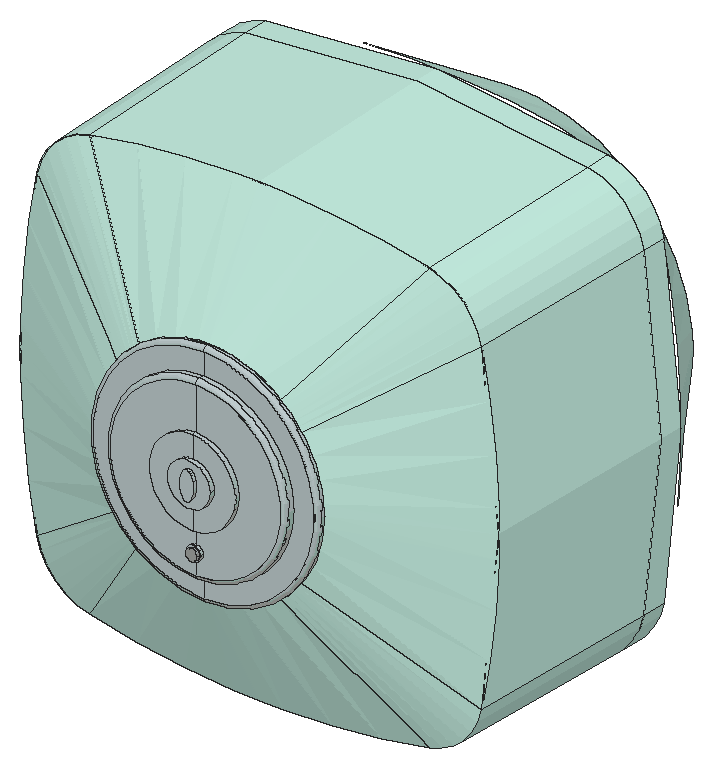
Revit family
Parameters (values of type "340 X 347 X 291")
  Wattage = 1500 W
  Hot Water Pipe Radius = Hot Water Pipe Diameter / 2  # 6.35 mm
  Hot Water Pipe Diameter = 12.7 mm
  Length D = 90 mm
  Heating Time (min) = "26"
  Heater Width = 330 mm
  Width = 347 mm
  URL = "http://www.autospec.co.za/browse.php?id=1660957480"
  Product Code = "FPRX-10-OB"
  OmniClass Title = ""
  OmniClass Number = ""
  Modspec Classification = ""
  Specification = ""
  Material = Galvanised Steel
  Weight (Kg) = "7.9"
  Location (revit room) = ""
  Model = "Prisma Storage Water Heater FPRX 10 OB"
  Manufacturer = "Kwikot"  # constant formula
  Length = 340 mm
  Electrical Supply = 230 V
  Depth = 291 mm
  Colour = none
  Cold Water Pipe Radius = Cold Water Pipe Diameter / 2  # 6.35 mm
  Cold Water Pipe Diameter = 12.7 mm
  Capacity (Litres) = 10.00 L
  Body Material = Green
  Body Finish = none
  Assembly Code = "D3010500"
Reference planes
  plane 1 "Center (Front/Back)": y = 0
  plane 2 "Bottom": z = 0
  plane 3 "Center (Left/Right)": x = 0
  plane 4: z = 165
  plane 5: z = -165
  plane 6: z = -182
  plane 7: x = -170
  plane 8: x = 170
  plane 9: y = 291
  plane 10: y = 201
  plane 11: y = 218.5
  plane 12: y = 20
  plane 13: y = 63.5
Forms (mm)
  Extrusion 1, solid, material "Red"
    sketch origin (-583.163, -1524, -165) x (-1, 0, 0) y (0, -1, 0)
      loop
        circle (-533.163, -1732.5) r 6.35
    from 4.425 to -17
  Blend 2, solid, material "Green" <- "Body Material"
    base sketch origin (587.769, 201, 1200) x (1, 0, 0) y (0, 0, 1)
      loop
        arc (-745.961, -1314.084) -> (-732.328, -1339.247) -> (-707.127, -1352.811) r 50
        arc (-707.127, -1352.811) -> (-587.769, -1365) -> (-468.411, -1352.811) r 590.5
        arc (-468.411, -1352.811) -> (-443.211, -1339.247) -> (-429.578, -1314.084) r 50
        arc (-429.578, -1314.084) -> (-417.769, -1200) -> (-429.578, -1085.916) r 557
        arc (-429.578, -1085.916) -> (-443.211, -1060.753) -> (-468.411, -1047.189) r 50
        arc (-468.411, -1047.189) -> (-587.769, -1035) -> (-707.127, -1047.189) r 590.5
        arc (-707.127, -1047.189) -> (-732.328, -1060.753) -> (-745.961, -1085.916) r 50
        arc (-745.961, -1085.916) -> (-757.769, -1200) -> (-745.961, -1314.084) r 557
    top sketch origin (587.769, 201, 1200) x (1, 0, 0) y (0, 0, 1)
      loop
        arc (-743.025, -1086.53) -> (-754.769, -1200) -> (-743.025, -1313.47) r 554
        arc (-743.025, -1313.47) -> (-730.209, -1337.123) -> (-706.521, -1349.873) r 47
        arc (-706.521, -1349.873) -> (-587.769, -1362) -> (-469.018, -1349.873) r 587.5
        arc (-469.018, -1349.873) -> (-445.33, -1337.123) -> (-432.514, -1313.47) r 47
        arc (-432.514, -1313.47) -> (-420.769, -1200) -> (-432.514, -1086.53) r 554
        arc (-432.514, -1086.53) -> (-445.33, -1062.877) -> (-469.018, -1050.127) r 47
        arc (-469.018, -1050.127) -> (-587.769, -1038) -> (-706.521, -1050.127) r 587.5
        arc (-706.521, -1050.127) -> (-730.209, -1062.877) -> (-743.025, -1086.53) r 47
    from 0 to 137.5
  Blend 3, solid, material "Green" <- "Body Material"
    base sketch origin (0, 218.5, 528.983) x (0, 0, 1) y (-1, 0, 0)
      loop
        arc (-414.899, -158.192) -> (-389.736, -144.558) -> (-376.172, -119.358) r 50
        arc (-376.172, -119.358) -> (-363.983, 0) -> (-376.172, 119.358) r 590.5
        arc (-376.172, 119.358) -> (-389.736, 144.558) -> (-414.899, 158.192) r 50
        arc (-414.899, 158.192) -> (-528.983, 170) -> (-643.068, 158.192) r 557
        arc (-643.068, 158.192) -> (-668.23, 144.558) -> (-681.795, 119.358) r 50
        arc (-681.795, 119.358) -> (-693.983, 0) -> (-681.795, -119.358) r 590.5
        arc (-681.795, -119.358) -> (-668.23, -144.558) -> (-643.068, -158.192) r 50
        arc (-643.068, -158.192) -> (-528.983, -170) -> (-414.899, -158.192) r 557
    top sketch origin (0, 218.5, 528.983) x (0, 0, 1) y (-1, 0, 0)
      loop
        arc (-434.929, 74.524) -> (-445.798, 86.488) -> (-458.176, 96.883) r 120
        arc (-458.176, 96.883) -> (-528.983, 120) -> (-599.791, 96.883) r 120
        arc (-599.791, 96.883) -> (-612.169, 86.488) -> (-623.038, 74.524) r 120
        arc (-623.038, 74.524) -> (-648.983, 0) -> (-623.038, -74.524) r 120
        arc (-623.038, -74.524) -> (-612.169, -86.488) -> (-599.791, -96.883) r 120
        arc (-599.791, -96.883) -> (-528.983, -120) -> (-458.176, -96.883) r 120
        arc (-458.176, -96.883) -> (-445.798, -86.488) -> (-434.929, -74.524) r 120
        arc (-434.929, -74.524) -> (-408.983, 0) -> (-434.929, 74.524) r 120
    from 0 to -72.5
  Extrusion 4, solid, material "Green" <- "Body Material"
    sketch origin (587.769, 201, 1200) x (1, 0, 0) y (0, 0, 1)
      loop
        arc (-429.578, -1314.084) -> (-417.769, -1200) -> (-429.578, -1085.916) r 557
        arc (-429.578, -1085.916) -> (-443.211, -1060.753) -> (-468.411, -1047.189) r 50
        arc (-468.411, -1047.189) -> (-587.769, -1035) -> (-707.127, -1047.189) r 590.5
        arc (-707.127, -1047.189) -> (-732.328, -1060.753) -> (-745.961, -1085.916) r 50
        arc (-745.961, -1085.916) -> (-757.769, -1200) -> (-745.961, -1314.084) r 557
        arc (-745.961, -1314.084) -> (-732.328, -1339.247) -> (-707.127, -1352.811) r 50
        arc (-707.127, -1352.811) -> (-587.769, -1365) -> (-468.411, -1352.811) r 590.5
        arc (-468.411, -1352.811) -> (-443.211, -1339.247) -> (-429.578, -1314.084) r 50
    from 0 to -17.5
  Blend 5, solid, material "Green" <- "Body Material"
    base sketch origin (0, 63.5, 1442.37) x (0, 0, 1) y (-1, 0, 0)
      loop
        arc (-1555.84, 155.255) -> (-1579.486, 142.45) -> (-1592.244, 118.78) r 47.007
        arc (-1592.244, 118.78) -> (-1604.418, 0) -> (-1592.244, -118.78) r 585.547
        arc (-1592.244, -118.78) -> (-1579.486, -142.45) -> (-1555.84, -155.255) r 47.007
        arc (-1555.84, -155.255) -> (-1442.37, -166.998) -> (-1328.901, -155.255) r 554.084
        arc (-1328.901, -155.255) -> (-1305.255, -142.45) -> (-1292.497, -118.78) r 47.007
        arc (-1292.497, -118.78) -> (-1280.323, 0) -> (-1292.497, 118.78) r 585.547
        arc (-1292.497, 118.78) -> (-1305.255, 142.45) -> (-1328.901, 155.255) r 47.007
        arc (-1328.901, 155.255) -> (-1442.37, 166.998) -> (-1555.84, 155.255) r 554.084
    top sketch origin (0, 63.5, 1442.37) x (0, 0, 1) y (-1, 0, 0)
      loop
        arc (-1395.165, 64.588) -> (-1442.37, 80) -> (-1489.576, 64.588) r 80
        arc (-1489.576, 64.588) -> (-1497.824, 57.662) -> (-1505.068, 49.69) r 80
        arc (-1505.068, 49.69) -> (-1522.37, 0) -> (-1505.068, -49.69) r 80
        arc (-1505.068, -49.69) -> (-1497.824, -57.662) -> (-1489.576, -64.588) r 80
        arc (-1489.576, -64.588) -> (-1442.37, -80) -> (-1395.165, -64.588) r 80
        arc (-1395.165, -64.588) -> (-1386.917, -57.662) -> (-1379.673, -49.69) r 80
        arc (-1379.673, -49.69) -> (-1362.37, 0) -> (-1379.673, 49.69) r 80
        arc (-1379.673, 49.69) -> (-1386.917, 57.662) -> (-1395.165, 64.588) r 80
    from 0 to 43.5
  Revolve 6, solid, material "Gray"
    sketch origin (0, 0, 0) x (0, 1, 0) y (0, 0, 1)
      loop
        line (15, 0) -> (15, 62.517) -> (11, 62.517)
        arc (11, 62.517) -> (8.879, 61.639) -> (8, 59.517) r 3
        line (8, 59.517) -> (8, 30) -> (4.845, 30) -> (4.845, 0) -> (15, 0)
      axis (15, 0) -> (4.845, 0)
    angle from 0 to 360
  Extrusion 7, solid, material "Blue"
    sketch origin (-583.163, -1524, -165) x (-1, 0, 0) y (0, -1, 0)
      loop
        circle (-633.163, -1732.5) r 6.35
    from 4.425 to -17
  Extrusion 8, solid, material "Gray"
    sketch origin (0, 0, 0) x (1, 0, 0) y (0, 0, 1)
      loop
        circle (0, -45) r 5
    from -6 to -8
  Revolve 9, solid, material "Gray"
    sketch origin (0, 0, 0) x (0, 1, 0) y (0, 0, 1)
      loop
        line (20, 0) -> (20, 80) -> (18, 80)
        arc (18, 80) -> (15.879, 79.121) -> (15, 77) r 3
        line (15, 77) -> (15, 0) -> (20, 0)
      axis (20, 0) -> (15, 0)
    angle from 0 to 360
  Extrusion 10, solid, material "Gray"
    sketch origin (0, 0, 0) x (1, 0, 0) y (0, 0, 1)
      loop
        circle (0, 0) r 15
    from -2 to -4.845
  Extrusion 11, solid, material "Gray"
    sketch origin (0, 0, 0) x (1, 0, 0) y (0, 0, 1)
      loop
        spline (0, -10) -> (1.294, -9.659) -> (2.5, -8.66) -> (3.536, -7.071) -> (4.33, -5) -> (4.83, -2.588) -> (5, 0) -> (4.83, 2.588) -> (4.33, 5) -> (3.536, 7.071) -> (2.5, 8.66) -> (1.294, 9.659) -> (0, 10)
        spline (0, 10) -> (-1.294, 9.659) -> (-2.5, 8.66) -> (-3.536, 7.071) -> (-4.33, 5) -> (-4.83, 2.588) -> (-5, 0) -> (-4.83, -2.588) -> (-4.33, -5) -> (-3.536, -7.071) -> (-2.5, -8.66) -> (-1.294, -9.659) -> (0, -10)
    from 0 to -2
  Extrusion 12, solid, material "Yellow"
    sketch origin (0, 0, 0) x (1, 0, 0) y (0, 0, 1)
      loop
        circle (0, -45) r 4
    from -4 to -6
  Extrusion 13, solid
    sketch origin (-170, -1524, -438.75) x (0, 0, -1) y (0, -1, 0)
      loop
        circle (-438.75, -1667.058) r 20
    from 0 to 5
Cuts and joins
  joined: Blend 2, Blend 3, Extrusion 4
Lines and regions (mm)
  symbolic lines
    curve 1: line (120, 291, -165) -> (-120, 291, -165)
    curve 2: line (-167, 63.501, -165) -> (-170, 201, -165)
    curve 3: line (-170, 201, -165) -> (-170, 218.5, -165)
    curve 4: line (-170, 218.5, -165) -> (-120, 291, -165)
    curve 5: line (120, 291, -165) -> (170, 218.5, -165)
    curve 6: line (170, 218.5, -165) -> (170, 201, -165)
    curve 7: line (170, 201, -165) -> (167, 63.501, -165)
    curve 8: line (-170, 218.5, -165) -> (170, 218.5, -165)
    curve 9: line (-170, 201, -165) -> (170, 201, -165)
    curve 10: line (-167, 63.501, -165) -> (167, 63.501, -165)
    curve 11: arc (-56.35, 208.5, -165) -> (-50, 202.15, -165) -> (-43.65, 208.5, -165) r 6.35
    curve 12: arc (-43.65, 208.5, -165) -> (-50, 214.85, -165) -> (-56.35, 208.5, -165) r 6.35
    curve 15: line (-166.998, 63.5, 165) -> (-80, 20, 165)
    curve 16: line (-80, 20, 165) -> (80, 20, 165)
    curve 17: line (80, 20, 165) -> (167, 63.501, 165)
    curve 18: line (-80, 20, 165) -> (-80, 18, 165)
    curve 19: line (-77, 15, 165) -> (77, 15, 165)
    curve 20: line (80, 18, 165) -> (80, 20, 165)
    curve 21: line (-62.517, 15, 165) -> (-62.517, 10.981, 165)
    curve 22: line (-59.517, 7.981, 165) -> (59.522, 7.981, 165)
    curve 23: line (62.522, 10.981, 165) -> (62.522, 15, 165)
    curve 24: line (-30, 7.981, 165) -> (-30, 4.783, 165)
    curve 25: line (-30, 4.783, 165) -> (30, 4.783, 165)
    curve 26: line (30, 4.783, 165) -> (30, 7.981, 165)
    curve 27: line (-15, 4.783, 165) -> (-15, 2, 165)
    curve 28: line (-15, 2, 165) -> (15, 2, 165)
    curve 29: line (15, 2, 165) -> (15, 4.783, 165)
    curve 30: line (-5, 2, 165) -> (-5, 0, 165)
    curve 31: line (-5, 0, 165) -> (5, 0, 165)
    curve 32: line (5, 0, 165) -> (5, 2, 165)
    curve 33: arc (-77, 15, 165) -> (-79.121, 15.879, 165) -> (-80, 18, 165) r 3
    curve 34: arc (-59.517, 7.981, 165) -> (-61.638, 8.859, 165) -> (-62.517, 10.981, 165) r 3
    curve 35: arc (59.522, 7.981, 165) -> (61.644, 8.859, 165) -> (62.522, 10.981, 165) r 3
    curve 36: arc (77, 15, 165) -> (79.121, 15.879, 165) -> (80, 18, 165) r 3
  symbolic lines, detail levels medium+fine
    curve 13: arc (43.65, 208.5, -165) -> (50, 202.15, -165) -> (56.35, 208.5, -165) r 6.35
    curve 14: arc (56.35, 208.5, -165) -> (50, 214.85, -165) -> (43.65, 208.5, -165) r 6.35
Dimensions and locks
  "Heater Width": plane 4 to plane 5
  "Length": plane 7 to plane 8
  equal spacing: plane 7, plane 3 "Center (Left/Right)", plane 8
  equal spacing: plane 4, level, plane 5
  "Depth": plane 9 to plane 1 "Center (Front/Back)"
  Extrusion 1 sketch curve to plane 3 "Center (Left/Right)" = 50 mm
  "Length D": plane 9 to plane 10
  plane 3 "Center (Left/Right)" to Extrusion 7 sketch curve = 50 mm
  "Width": plane 4 to plane 6
  Extrusion 7 sketch curve to plane 9 = 82.5 mm
  Extrusion 1 sketch curve to plane 9 = 82.5 mm
  plane 2 "Bottom" to Extrusion 8 sketch curve = 45 mm
  "Hot Water Pipe Radius": radius of Extrusion 1 sketch curve
  "Cold Water Pipe Radius": radius of Extrusion 7 sketch curve
  aligned and locked: plane 2 "Bottom" to level
  aligned: Extrusion 1 to plane 6
  aligned and locked: Blend 3 sketch curve to Blend 2  (x8)
  aligned and locked: Extrusion 4 sketch curve to Blend 3  (x8)
  aligned and locked: plane 13 to Blend 2
  aligned and locked: Blend 3 to plane 9
  aligned and locked: plane 11 to cut or joined group of Blend 2, Blend 3, Extrusion 4
  aligned and locked: cut or joined group of Blend 2, Blend 3, Extrusion 4 to plane 11
  aligned and locked: plane 10 to cut or joined group of Blend 2, Blend 3, Extrusion 4
  aligned and locked: cut or joined group of Blend 2, Blend 3, Extrusion 4 to plane 10
  aligned: cut or joined group of Blend 2, Blend 3, Extrusion 4 to plane 13
  aligned: plane 12 to cut or joined group of Blend 2, Blend 3, Extrusion 4
  aligned and locked: curve 1 to cut or joined group of Blend 2, Blend 3, Extrusion 4
  aligned and locked: plane 2 "Bottom" to Revolve 6 sketch curve
  aligned and locked: Extrusion 8 to Revolve 6
  aligned and locked: Extrusion 7 to plane 6
  aligned and locked: Extrusion 7 to Extrusion 1
  aligned and locked: Extrusion 1 to Extrusion 7
  aligned and locked: Extrusion 1 to plane 6
  aligned and locked: plane 2 "Bottom" to Revolve 9 sketch curve
  aligned and locked: Extrusion 10 to Revolve 6
  aligned and locked: Extrusion 11 to Extrusion 10
Automatic sketch dimensions
  Blend 2 sketch curve to level = 0 mm  (x4)
  Blend 2 sketch curve to plane 3 "Center (Left/Right)" = 0 mm  (x4)
  Blend 2 sketch curve to plane 4 = 12.189 mm  (x2)
  Blend 2 sketch curve to Blend 2 sketch curve = 10.107 mm  (x4)
  plane 5 to Blend 2 sketch curve = 12.189 mm  (x2)
  Blend 2 sketch curve to Blend 2 sketch curve = 0 mm  (x12)
  Blend 2 sketch curve to plane 7 = 11.808 mm
  Blend 2 sketch curve to Blend 2 sketch curve = 48.94 mm  (x2)
  plane 7 to Blend 2 sketch curve = 217 mm  (x2)
  plane 8 to Blend 2 sketch curve = 60.748 mm  (x2)
  plane 8 to Blend 2 sketch curve = 11.808 mm
  Blend 2 sketch curve to plane 4 = 15.127 mm  (x2)
  Blend 2 sketch curve to Blend 2 sketch curve = 9.5 mm  (x4)
  plane 5 to Blend 2 sketch curve = 15.127 mm  (x2)
  Blend 2 sketch curve to plane 7 = 14.745 mm  (x2)
  plane 8 to Blend 2 sketch curve = 14.745 mm
  Blend 2 sketch curve to Blend 2 sketch curve = 46.004 mm
  Blend 3 sketch curve to Blend 3 sketch curve = 0 mm  (x56)
  Blend 3 sketch curve to level = 0 mm
  Blend 3 sketch curve to plane 3 "Center (Left/Right)" = 0 mm
  Blend 3 sketch curve to level = 70.808 mm  (x2)
  Blend 3 sketch curve to Blend 3 sketch curve = 23.247 mm  (x4)
  level to Blend 3 sketch curve = 70.808 mm  (x2)
  plane 3 "Center (Left/Right)" to Blend 3 sketch curve = 74.524 mm
  Blend 5 sketch curve to plane 3 "Center (Left/Right)" = 0 mm  (x3)
  Blend 5 sketch curve to level = 0 mm  (x3)
  plane 5 to Blend 5 sketch curve = 61.157 mm  (x2)
  plane 8 to Blend 5 sketch curve = 14.745 mm
  Blend 5 sketch curve to Blend 5 sketch curve = 9.627 mm  (x4)
  Blend 5 sketch curve to plane 7 = 14.745 mm
  Blend 5 sketch curve to Blend 5 sketch curve = 0 mm  (x19)
  plane 5 to Blend 5 sketch curve = 15.127 mm
  Blend 5 sketch curve to Blend 5 sketch curve = 46.03 mm
  Blend 5 sketch curve to plane 6 = 241.5 mm
  Blend 5 sketch curve to plane 4 = 61.157 mm  (x2)
  Blend 5 sketch curve to plane 4 = 15.127 mm
  curve 9 to plane 8 = 0 mm
  plane 9 to curve 5 = 0 mm
  curve 3 to plane 7 = 0 mm
  plane 11 to curve 8 = 0 mm
  plane 10 to curve 9 = 0 mm
  curve 7 to plane 13 = 0.001 mm
  plane 8 to curve 7 = 3 mm
  plane 8 to curve 5 = 50 mm
  curve 1 to plane 7 = 50 mm
  curve 13 to plane 10 = 7.5 mm
  plane 3 "Center (Left/Right)" to curve 13 = 56.35 mm
  curve 13 to curve 13 = 6.35 mm
  curve 11 to plane 10 = 7.5 mm
  curve 11 to plane 3 "Center (Left/Right)" = 43.65 mm
  curve 11 to curve 12 = 6.35 mm
  Extrusion 8 sketch curve to plane 3 "Center (Left/Right)" = 0 mm
  curve 10 to plane 7 = 3 mm
  level to Blend 5 sketch curve = 47.205 mm  (x2)
  Blend 5 sketch curve to Blend 5 sketch curve = 15.492 mm  (x4)
  Blend 5 sketch curve to level = 47.205 mm
  plane 3 "Center (Left/Right)" to Blend 5 sketch curve = 49.69 mm
  Blend 5 sketch curve to level = 62.697 mm
  Revolve 9 sketch curve to level = 0 mm
  Revolve 9 sketch curve to plane 12 = 0 mm
  plane 12 to Revolve 9 sketch curve = 2 mm
  Revolve 9 sketch curve to Revolve 9 sketch curve = 3 mm
  plane 1 "Center (Front/Back)" to Revolve 9 sketch curve = 15 mm
  Revolve 9 sketch curve to plane 13 = 21.5 mm
  level to Revolve 9 sketch curve = 77 mm
  Revolve 6 sketch curve to level = 0 mm
  plane 1 "Center (Front/Back)" to Revolve 6 sketch curve = 7.054 mm
  Revolve 6 sketch curve to plane 1 "Center (Front/Back)" = 4.845 mm
  Revolve 6 sketch curve to Revolve 6 sketch curve = 3.155 mm
  Revolve 6 sketch curve to Revolve 6 sketch curve = 3 mm
  Revolve 6 sketch curve to Revolve 6 sketch curve = 4 mm
  Revolve 6 sketch curve to plane 12 = 17.946 mm
  level to Revolve 6 sketch curve = 30 mm
  Revolve 6 sketch curve to Revolve 6 sketch curve = 29.517 mm
  Extrusion 10 sketch curve to level = 0 mm
  Extrusion 10 sketch curve to plane 3 "Center (Left/Right)" = 0 mm
  Extrusion 11 sketch curve to plane 3 "Center (Left/Right)" = 0 mm
  Extrusion 11 sketch curve to level = 0 mm
  Extrusion 11 sketch curve to level = 10 mm
  plane 12 to curve 20 = 0 mm
  plane 1 "Center (Front/Back)" to curve 32 = 0 mm
  plane 13 to curve 15 = 0 mm
  curve 17 to plane 13 = 0.001 mm
  plane 8 to curve 17 = 3 mm
  plane 3 "Center (Left/Right)" to curve 20 = 80 mm
  curve 36 to curve 36 = 3 mm
  curve 19 to curve 23 = 14.478 mm
  curve 35 to curve 35 = 3 mm
  curve 25 to plane 1 "Center (Front/Back)" = 4.783 mm
  curve 35 to curve 25 = 29.522 mm
  curve 25 to curve 29 = 15 mm
  curve 32 to plane 1 "Center (Front/Back)" = 2 mm
  plane 3 "Center (Left/Right)" to curve 32 = 5 mm
  curve 30 to plane 3 "Center (Left/Right)" = 5 mm
  curve 30 to curve 27 = 10 mm
  curve 27 to curve 24 = 15 mm
  curve 22 to plane 1 "Center (Front/Back)" = 7.981 mm
  curve 24 to curve 22 = 29.517 mm
  curve 34 to curve 21 = 3 mm
  curve 21 to curve 19 = 14.483 mm
  plane 12 to curve 18 = 2 mm
  curve 15 to plane 7 = 3.002 mm
  curve 16 to curve 20 = 2 mm
  Extrusion 12 sketch curve to plane 3 "Center (Left/Right)" = 0 mm
  Extrusion 12 sketch curve to plane 3 "Center (Left/Right)" = 4 mm
  Extrusion 12 sketch curve to level = 45 mm
  Extrusion 13 sketch curve to level = 0 mm
  plane 10 to Extrusion 13 sketch curve = 57.942 mm
  radius of Extrusion 8 sketch curve = 5 mm
  radius of Extrusion 10 sketch curve = 15 mm
  radius of Extrusion 13 sketch curve = 20 mm
Connectors
  piping at (-50, 208.5, -182), driven by "Hot Water Pipe Radius"
    settings: on Extrusion 1, index 1, connector radius 6.35 mm, flow factor 0, pipe flow 0.0 L/s, pressure drop 0 kPa, fitting loss kfactor 0, connector angle 0.00°, fixture units 0, flow configuration 0, flow direction 2, fitting loss method 0, system type 19, connector reference index -1, connector utility 0, adjustable connector no, is connector primary no, fitting loss table "", connector description "Outlet Pipe Connector"
  piping at (50, 208.5, -182), driven by "Cold Water Pipe Radius"
    settings: on Extrusion 7, index 2, connector radius 6.35 mm, flow factor 0, pipe flow 0.0 L/s, pressure drop 0 kPa, fitting loss kfactor 0, connector angle 0.00°, fixture units 0, flow configuration 0, flow direction 1, fitting loss method 0, system type 20, connector reference index -1, connector utility 0, adjustable connector no, is connector primary yes, fitting loss table "", connector description "Inlet Pipe Connector"
  electrical at (-175, 143.058, 0), driven by "Electrical Supply", driven by "Wattage"
    settings: on Extrusion 13, index 3, voltage 230 V, apparent load 0 kW, apparent load phase1 1.5 kW, apparent load phase2 0 kW, apparent load phase3 0 kW, power factor 1, load classification "Other", number of poles 1, system type 31, power factor state 1, is connector primary yes, connector utility no, sub classification motor no, connector description "Electrical Connector"
